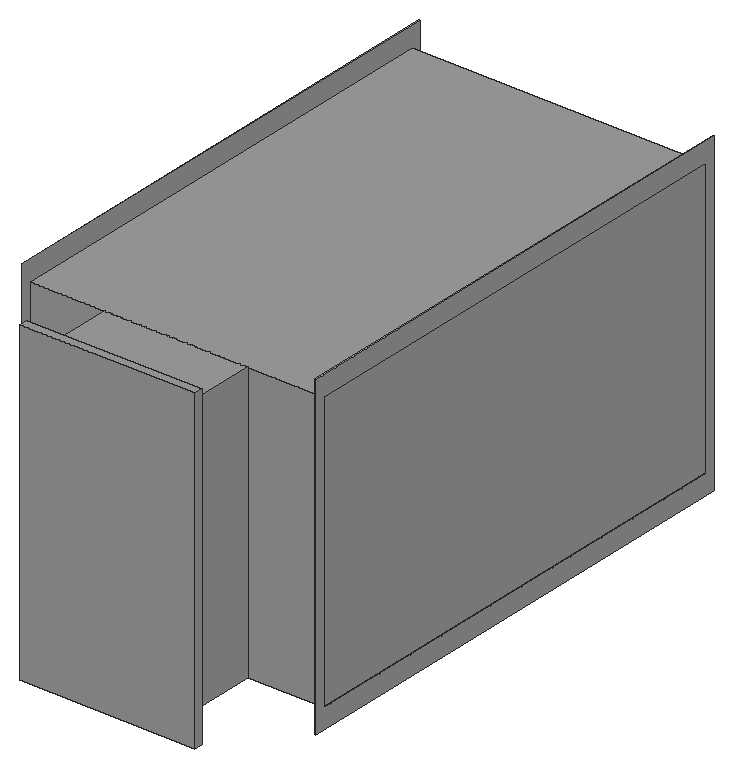
Revit family "BIMLIB_ЭлектрическийНагреватель_EHR_SHUFT", category Оборудование, Revit 2017
Family settings
  Размер круглого соединителя = Использовать диаметр
  Тип детали = Вставляется
  На основе рабочей плоскости = Нет
  Всегда вертикально = Да
  При загрузке вырезать с полостями = Нет
  Общий = Нет
  Точка расчета площади = Нет
Parameters (values of type "EHR 600x350-48")
  Повернуть УГО [instance] = yes
  Описание = "Корпус воздухонагревателей выполнен из листовой стали с покрытием из цинка, а нагревательные элементы — из нержавеющей стали.\r\n\r\nВсе воздухонагреватели серии ЕНR оснащены двухступенчатой защитой от перегрева. Реле первой ступени (с автоматическим возвратом в исходное положение) срабатывает, когда температура воздуха на выходе из воздухонагревателя достигает 60 °С. Реле второй ступени (с ручным возвратом в исходное положение нажатием кнопки, расположенной на корпусе воздухонагревателя) срабатывает, когда температура воздуха на выходе из воздухонагревателя достигает 120 °С.\r\n\r\nВоздухонагреватели серии EHR могут работать с внешним электронным регулятором температуры серии ТС.\r\n\r\nМинимальный расход воздуха соответствует минимальной скорости потока 1,5 м/с."  # constant formula
  Изготовитель = "ООО «Завод ВКО» марка SHUFT"  # constant formula
  Watermark [instance] = "Модели защищены уникальным кодом"
  W1 = W + 25 mm  # 625 mm
  W = ADSK_Размер_Ширина  # 600 mm
  URL = "http://www.shuft.ru/"
  L = ADSK_Размер_Длина  # 370 mm
  H1 = H + 50 mm  # 400 mm
  H = ADSK_Размер_Высота  # 350 mm
  BL_Разработано = "support@bimlib.pro"  # constant formula
  BL_Email = "bimmodels@rusklimat.ru"  # constant formula
  BL_BIM library = "https://bimlib.pro/manufacturer/company/23829"
  ADSK_Ток = 73 A
  ADSK_Расход воздуха [instance] = 0.0 L/s
  ADSK_Размер_Ширина = 600 mm
  ADSK_Размер_Длина = 370 mm
  ADSK_Размер_Высота = 350 mm
  ADSK_Примечание [instance] = ""
  ADSK_Потеря давления воздуха [instance] = 0.0 Pa
  ADSK_Полная мощность = ADSK_Номинальная мощность / ADSK_Коэффициент мощности  # 48 kW
  ADSK_Позиция = ""
  ADSK_Обозначение = ""
  ADSK_Номинальная мощность = 48 kW
  ADSK_Напряжение = 400 V  # constant formula
  ADSK_Наименование = "Электрический нагреватель EHR 600x350-48"
  ADSK_Материал = BIMLIB_Сталь_SHUFT
  ADSK_Масса = 31
  ADSK_Марка = "EHR 600x350-48"
  ADSK_Коэффициент мощности = 1
  ADSK_Количество фаз = 3
  ADSK_Код изделия = ADSK_Марка  # "EHR 600x350-48"
  ADSK_Классификация нагрузок = Прочее
  ADSK_Завод-изготовитель = "ООО «Завод ВКО» марка SHUFT"  # constant formula
  ADSK_Единица измерения = "шт."  # constant formula
  ADSK_Версия семейства = "v.1"  # constant formula
  ADSK_Версия Revit = "2017"  # constant formula
  ADSK_URL страницы изделия = "http://www.shuft.ru/catalog/1/202/3004/4021/"
  ADSK_URL документации изделия = "http://www.shuft.ru/upload/downloads/Rucovodstvo_EHR.pdf"
Types (51, lengths in mm): name | W1 | W | L | H1 | H | ADSK_Ток | ADSK_Размер_Ширина | ADSK_Размер_Длина | ADSK_Размер_Высота | ADSK_Полная мощность | ADSK_Номинальная мощность | ADSK_Наименование | ADSK_Масса | ADSK_Марка | ADSK_Количество фаз | ADSK_Код изделия
  (no name) | 625 | 600 | 370 | 400 | 350 | 73 A | 600 | 370 | 350 | 48 kW | 48 kW | "Электрический нагреватель EHR 600x350-48" | 31 | "EHR 600x350-48" | 3 | "EHR 600x350-48"
  EHR 400x200-6/2ф | 425 | 400 | 370 | 250 | 200 | 13.6 A | 400 | 370 | 200 | 6 kW | 6 kW | "Электрический нагреватель EHR 400x200-6/2ф" | 9.7 | "EHR 400x200-6/2ф" | 2 | "EHR 400x200-6/2ф"
  EHR 400x200-9 | 425 | 400 | 370 | 250 | 200 | 13.7 A | 400 | 370 | 200 | 9 kW | 9 kW | "Электрический нагреватель EHR 400x200-9" | 10 | "EHR 400x200-9" | 3 | "EHR 400x200-9"
  EHR 400x200-12 | 425 | 400 | 370 | 250 | 200 | 18.3 A | 400 | 370 | 200 | 12 kW | 12 kW | "Электрический нагреватель EHR 400x200-12" | 10 | "EHR 400x200-12" | 3 | "EHR 400x200-12"
  EHR 400x200-15 | 425 | 400 | 370 | 250 | 200 | 11.4 A | 400 | 370 | 200 | 15 kW | 15 kW | "Электрический нагреватель EHR 400x200-15" | 12 | "EHR 400x200-15" | 3 | "EHR 400x200-15"
  EHR 500x250-7.5 | 525 | 500 | 370 | 300 | 250 | 11.4 A | 500 | 370 | 250 | 7.5 kW | 7.5 kW | "Электрический нагреватель EHR 500x250-7.5" | 11.5 | "EHR 500x250-7.5" | 3 | "EHR 500x250-7.5"
  EHR 500x250-12 | 525 | 500 | 370 | 300 | 250 | 18.3 A | 500 | 370 | 250 | 12 kW | 12 kW | "Электрический нагреватель EHR 500x250-12" | 13 | "EHR 500x250-12" | 3 | "EHR 500x250-12"
  EHR 500x250-15 | 525 | 500 | 370 | 300 | 250 | 22.8 A | 500 | 370 | 250 | 15 kW | 15 kW | "Электрический нагреватель EHR 500x250-15" | 13 | "EHR 500x250-15" | 3 | "EHR 500x250-15"
  EHR 500x250-18 | 525 | 500 | 370 | 300 | 250 | 27.4 A | 500 | 370 | 250 | 18 kW | 18 kW | "Электрический нагреватель EHR 500x250-18" | 15 | "EHR 500x250-18" | 3 | "EHR 500x250-18"
  EHR 500x250-22.5 | 525 | 500 | 370 | 300 | 250 | 34.2 A | 500 | 370 | 250 | 22.5 kW | 22.5 kW | "Электрический нагреватель EHR 500x250-22.5" | 15 | "EHR 500x250-22.5" | 3 | "EHR 500x250-22.5"
  EHR 500x250-24 | 525 | 500 | 370 | 300 | 250 | 36.5 A | 500 | 370 | 250 | 24 kW | 24 kW | "Электрический нагреватель EHR 500x250-24" | 19 | "EHR 500x250-24" | 3 | "EHR 500x250-24"
  EHR 500x300-7.5 | 525 | 500 | 370 | 350 | 300 | 11.4 A | 500 | 370 | 300 | 7.5 kW | 7.5 kW | "Электрический нагреватель EHR 500x300-7.5" | 12 | "EHR 500x300-7.5" | 3 | "EHR 500x300-7.5"
  EHR 500x300-12 | 525 | 500 | 370 | 350 | 300 | 18.3 A | 500 | 370 | 300 | 12 kW | 12 kW | "Электрический нагреватель EHR 500x300-12" | 14 | "EHR 500x300-12" | 3 | "EHR 500x300-12"
  EHR 500x300-15 | 525 | 500 | 370 | 350 | 300 | 22.8 A | 500 | 370 | 300 | 15 kW | 15 kW | "Электрический нагреватель EHR 500x300-15" | 14 | "EHR 500x300-15" | 3 | "EHR 500x300-15"
  EHR 500x300-18 | 525 | 500 | 370 | 350 | 300 | 27.4 A | 500 | 370 | 300 | 18 kW | 18 kW | "Электрический нагреватель EHR 500x300-18" | 16 | "EHR 500x300-18" | 3 | "EHR 500x300-18"
  EHR 500x300-22.5 | 525 | 500 | 370 | 350 | 300 | 34.2 A | 500 | 370 | 300 | 22.5 kW | 22.5 kW | "Электрический нагреватель EHR 500x300-22.5" | 16 | "EHR 500x300-22.5" | 3 | "EHR 500x300-22.5"
  EHR 500x300-24 | 525 | 500 | 370 | 350 | 300 | 36.5 A | 500 | 370 | 300 | 24 kW | 24 kW | "Электрический нагреватель EHR 500x300-24" | 22 | "EHR 500x300-24" | 3 | "EHR 500x300-24"
  EHR 600x300-18 | 625 | 600 | 370 | 350 | 300 | 27.4 A | 600 | 370 | 300 | 18 kW | 18 kW | "Электрический нагреватель EHR 600x300-18" | 18 | "EHR 600x300-18" | 3 | "EHR 600x300-18"
  EHR 600x300-22.5 | 625 | 600 | 370 | 350 | 300 | 34.2 A | 600 | 370 | 300 | 22.5 kW | 22.5 kW | "Электрический нагреватель EHR 600x300-22.5" | 18 | "EHR 600x300-22.5" | 3 | "EHR 600x300-22.5"
  EHR 600x300-24 | 625 | 600 | 370 | 350 | 300 | 36.5 A | 600 | 370 | 300 | 24 kW | 24 kW | "Электрический нагреватель EHR 600x300-24" | 23 | "EHR 600x300-24" | 3 | "EHR 600x300-24"
  EHR 600x300-30 | 625 | 600 | 370 | 350 | 300 | 45.6 A | 600 | 370 | 300 | 30 kW | 30 kW | "Электрический нагреватель EHR 600x300-30" | 25 | "EHR 600x300-30" | 3 | "EHR 600x300-30"
  EHR 600x300-36 | 625 | 600 | 370 | 350 | 300 | 54.8 A | 600 | 370 | 300 | 36 kW | 36 kW | "Электрический нагреватель EHR 600x300-36" | 25 | "EHR 600x300-36" | 3 | "EHR 600x300-36"
  EHR 600x350-15 | 625 | 600 | 370 | 400 | 350 | 22.8 A | 600 | 370 | 350 | 15 kW | 15 kW | "Электрический нагреватель EHR 600x350-15" | 18 | "EHR 600x350-15" | 3 | "EHR 600x350-15"
  EHR 600x350-18 | 625 | 600 | 370 | 400 | 350 | 27.4 A | 600 | 370 | 350 | 18 kW | 18 kW | "Электрический нагреватель EHR 600x350-18" | 18 | "EHR 600x350-18" | 3 | "EHR 600x350-18"
  EHR 600x350-22.5 | 625 | 600 | 370 | 400 | 350 | 34.2 A | 600 | 370 | 350 | 22.5 kW | 22.5 kW | "Электрический нагреватель EHR 600x350-22.5" | 18 | "EHR 600x350-22.5" | 3 | "EHR 600x350-22.5"
  EHR 600x350-24 | 625 | 600 | 370 | 400 | 350 | 36.5 A | 600 | 370 | 350 | 24 kW | 24 kW | "Электрический нагреватель EHR 600x350-24" | 23 | "EHR 600x350-24" | 3 | "EHR 600x350-24"
  EHR 600x350-30 | 625 | 600 | 370 | 400 | 350 | 45.6 A | 600 | 370 | 350 | 30 kW | 30 kW | "Электрический нагреватель EHR 600x350-30" | 23 | "EHR 600x350-30" | 3 | "EHR 600x350-30"
  EHR 600x350-36 | 625 | 600 | 370 | 400 | 350 | 54.8 A | 600 | 370 | 350 | 36 kW | 36 kW | "Электрический нагреватель EHR 600x350-36" | 26 | "EHR 600x350-36" | 3 | "EHR 600x350-36"
  EHR 600x350-45 | 625 | 600 | 370 | 400 | 350 | 68.4 A | 600 | 370 | 350 | 45 kW | 45 kW | "Электрический нагреватель EHR 600x350-45" | 26 | "EHR 600x350-45" | 3 | "EHR 600x350-45"
  EHR 600x350-48 | 625 | 600 | 370 | 400 | 350 | 73 A | 600 | 370 | 350 | 48 kW | 48 kW | "Электрический нагреватель EHR 600x350-48" | 31 | "EHR 600x350-48" | 3 | "EHR 600x350-48"
  EHR 700x400-22.5 | 725 | 700 | 370 | 450 | 400 | 34.2 A | 700 | 370 | 400 | 22.5 kW | 22.5 kW | "Электрический нагреватель EHR 700x400-22.5" | 33 | "EHR 700x400-22.5" | 3 | "EHR 700x400-22.5"
  EHR 700x400-30 | 725 | 700 | 370 | 450 | 400 | 45.6 A | 700 | 370 | 400 | 30 kW | 30 kW | "Электрический нагреватель EHR 700x400-30" | 34 | "EHR 700x400-30" | 3 | "EHR 700x400-30"
  EHR 700x400-45 | 725 | 700 | 370 | 450 | 400 | 68.4 A | 700 | 370 | 400 | 45 kW | 45 kW | "Электрический нагреватель EHR 700x400-45" | 36 | "EHR 700x400-45" | 3 | "EHR 700x400-45"
  EHR 700x400-60 | 725 | 700 | 500 | 450 | 400 | 91.2 A | 700 | 500 | 400 | 60 kW | 60 kW | "Электрический нагреватель EHR 700x400-60" | 44 | "EHR 700x400-60" | 3 | "EHR 700x400-60"
  EHR 700x400-75 | 725 | 700 | 500 | 450 | 400 | 114 A | 700 | 500 | 400 | 75 kW | 75 kW | "Электрический нагреватель EHR 700x400-75" | 48 | "EHR 700x400-75" | 3 | "EHR 700x400-75"
  EHR 700x400-90 | 725 | 700 | 615 | 450 | 400 | 136.8 A | 700 | 615 | 400 | 90 kW | 90 kW | "Электрический нагреватель EHR 700x400-90" | 55 | "EHR 700x400-90" | 3 | "EHR 700x400-90"
  EHR 800x500-30 | 825 | 800 | 500 | 550 | 500 | 45.6 A | 800 | 500 | 500 | 30 kW | 30 kW | "Электрический нагреватель EHR 800x500-30" | 38 | "EHR 800x500-30" | 3 | "EHR 800x500-30"
  EHR 800x500-45 | 825 | 800 | 500 | 550 | 500 | 68.4 A | 800 | 500 | 500 | 45 kW | 45 kW | "Электрический нагреватель EHR 800x500-45" | 38 | "EHR 800x500-45" | 3 | "EHR 800x500-45"
  EHR 800x500-60 | 825 | 800 | 500 | 550 | 500 | 91.2 A | 800 | 500 | 500 | 60 kW | 60 kW | "Электрический нагреватель EHR 800x500-60" | 45 | "EHR 800x500-60" | 3 | "EHR 800x500-60"
  EHR 800x500-75 | 825 | 800 | 500 | 550 | 500 | 114 A | 800 | 500 | 500 | 75 kW | 75 kW | "Электрический нагреватель EHR 800x500-75" | 51 | "EHR 800x500-75" | 3 | "EHR 800x500-75"
  EHR 800x500-90 | 825 | 800 | 615 | 550 | 500 | 136.8 A | 800 | 615 | 500 | 90 kW | 90 kW | "Электрический нагреватель EHR 800x500-90" | 59 | "EHR 800x500-90" | 3 | "EHR 800x500-90"
  EHR 900x500-30 | 925 | 900 | 500 | 550 | 500 | 45.6 A | 900 | 500 | 500 | 30 kW | 30 kW | "Электрический нагреватель EHR 900x500-30" | 41 | "EHR 900x500-30" | 3 | "EHR 900x500-30"
  EHR 900x500-45 | 925 | 900 | 500 | 550 | 500 | 68.4 A | 900 | 500 | 500 | 45 kW | 45 kW | "Электрический нагреватель EHR 900x500-45" | 41 | "EHR 900x500-45" | 3 | "EHR 900x500-45"
  EHR 900x500-60 | 925 | 900 | 500 | 550 | 500 | 91.2 A | 900 | 500 | 500 | 60 kW | 60 kW | "Электрический нагреватель EHR 900x500-60" | 48 | "EHR 900x500-60" | 3 | "EHR 900x500-60"
  EHR 900x500-75 | 925 | 900 | 500 | 550 | 500 | 114 A | 900 | 500 | 500 | 75 kW | 75 kW | "Электрический нагреватель EHR 900x500-75" | 54 | "EHR 900x500-75" | 3 | "EHR 900x500-75"
  EHR 900x500-90 | 925 | 900 | 615 | 550 | 500 | 136.8 A | 900 | 615 | 500 | 90 kW | 90 kW | "Электрический нагреватель EHR 900x500-90" | 64 | "EHR 900x500-90" | 3 | "EHR 900x500-90"
  EHR 1000x500-45 | 1025 | 1000 | 500 | 550 | 500 | 68.4 A | 1000 | 500 | 500 | 45 kW | 45 kW | "Электрический нагреватель EHR 1000x500-45" | 45 | "EHR 1000x500-45" | 3 | "EHR 1000x500-45"
  EHR 1000x500-60 | 1025 | 1000 | 500 | 550 | 500 | 91.2 A | 1000 | 500 | 500 | 60 kW | 60 kW | "Электрический нагреватель EHR 1000x500-60" | 51 | "EHR 1000x500-60" | 3 | "EHR 1000x500-60"
  EHR 1000x500-75 | 1025 | 1000 | 500 | 550 | 500 | 114 A | 1000 | 500 | 500 | 75 kW | 75 kW | "Электрический нагреватель EHR 1000x500-75" | 59 | "EHR 1000x500-75" | 3 | "EHR 1000x500-75"
  EHR 1000x500-90 | 1025 | 1000 | 615 | 550 | 500 | 136.8 A | 1000 | 615 | 500 | 90 kW | 90 kW | "Электрический нагреватель EHR 1000x500-90" | 70 | "EHR 1000x500-90" | 3 | "EHR 1000x500-90"
  EHR 600x300-15 | 625 | 600 | 370 | 350 | 300 | 22.8 A | 600 | 370 | 300 | 15 kW | 15 kW | "Электрический нагреватель EHR 600x300-15" | 18 | "EHR 600x300-15" | 3 | "EHR 600x300-15"
Reference planes
  plane 1 "По центру (Вперед/Назад)": y = 0
  plane 2: z = 0
  plane 3 "По центру (Влево/Вправо)": x = 0
  plane 4: x = -185
  plane 5: x = 185
  plane 6: y = -300
  plane 7: y = 300
  plane 8: y = -312.5
  plane 9: y = 312.5
  plane 10: z = 175
  plane 11: z = -175
  plane 12: z = 200
  plane 13: z = -200
  plane 14: y = -408
  plane 15: x = 90
  plane 16: x = -90
  plane 17: x = -110
  plane 18: x = 110
Forms (mm)
  Extrusion 1, solid, material "BIMLIB_Сталь_SHUFT" <- "ADSK_Материал", detail levels medium+fine
    sketch origin (0, 0, 0) x (0, 1, 0) y (0, 0, 1)
      loop
        line (-300, 175) -> (-300, -175) -> (300, -175) -> (300, 175) -> (-300, 175)
    from -184 to 184
  Extrusion 2, solid, material "BIMLIB_Сталь_SHUFT" <- "ADSK_Материал", detail levels medium+fine
    sketch origin (0, 0, 0) x (0, 1, 0) y (0, 0, -1)
      loop
        line (-312.5, -200) -> (312.5, -200) -> (312.5, 200) -> (-312.5, 200) -> (-312.5, -200)
      loop
        line (-300, -175) -> (300, -175) -> (300, 175) -> (-300, 175) -> (-300, -175)
    from -185 to -184
  Extrusion 3, solid, material "BIMLIB_Сталь_SHUFT" <- "ADSK_Материал", detail levels medium+fine
    sketch origin (0, 0, 0) x (0, 1, 0) y (0, 0, 1)
      loop
        line (-312.5, 200) -> (-312.5, -200) -> (312.5, -200) -> (312.5, 200) -> (-312.5, 200)
      loop
        line (-300, 175) -> (-300, -175) -> (300, -175) -> (300, 175) -> (-300, 175)
    from -185 to -184
  Extrusion 4, solid, material "BIMLIB_Сталь_SHUFT" <- "ADSK_Материал", detail levels medium+fine
    sketch origin (0, 0, 0) x (0, 1, 0) y (0, 0, 1)
      loop
        line (-408, 200) -> (-408, -200) -> (-398, -200) -> (-398, 200) -> (-408, 200)
    from -110 to 110
  Extrusion 5, solid, material "BIMLIB_Сталь_SHUFT" <- "ADSK_Материал", detail levels medium+fine
    sketch origin (0, 0, 0) x (0, 1, 0) y (0, 0, 1)
      loop
        line (-398, 175) -> (-398, -175) -> (-300, -175) -> (-300, 175) -> (-398, 175)
    from -90 to 90
Dimensions and locks
  "L": plane 4 to plane 5
  equal spacing: plane 4, plane 3 "По центру (Влево/Вправо)", plane 5
  "W": plane 6 to plane 7
  equal spacing: plane 6, plane 1 "По центру (Вперед/Назад)", plane 7
  "W1": plane 8 to plane 9
  equal spacing: plane 8, plane 1 "По центру (Вперед/Назад)", plane 9
  "H": plane 10 to plane 11
  equal spacing: plane 10, level, plane 11
  "H1": plane 12 to plane 13
  equal spacing: plane 12, level, plane 13
  locked: Extrusion 2 to Extrusion 2 at 1
  locked: Extrusion 3 to Extrusion 3 at 1
  locked: plane 14 to plane 6 at 108
  locked: plane 17 to plane 18 at 220
  locked: plane 16 to plane 15 at 180
  aligned and locked: level to plane 2
  aligned and locked: Extrusion 1 sketch curve to plane 10
  aligned and locked: Extrusion 1 sketch curve to plane 6
  aligned and locked: plane 11 to Extrusion 1 sketch curve
  aligned and locked: plane 7 to Extrusion 1 sketch curve
  aligned and locked: plane 5 to Extrusion 2
  aligned and locked: Extrusion 1 to Extrusion 2
  aligned and locked: Extrusion 2 sketch curve to Extrusion 1  (x4)
  aligned and locked: Extrusion 3 to plane 4
  aligned and locked: Extrusion 3 to Extrusion 1
  aligned and locked: plane 14 to Extrusion 4
  aligned and locked: plane 12 to Extrusion 4
  aligned and locked: Extrusion 5 sketch curve to plane 10
  aligned and locked: Extrusion 4 to Extrusion 5 sketch curve
  aligned and locked: plane 11 to Extrusion 5 sketch curve
  aligned and locked: Extrusion 5 to plane 6
  aligned and locked: Extrusion 5 to Extrusion 4
  aligned and locked: Extrusion 5 to plane 16
  aligned and locked: plane 15 to Extrusion 5
  aligned and locked: Extrusion 4 to plane 17
  aligned and locked: plane 18 to Extrusion 4
  aligned and locked: Extrusion 4 to plane 13
  aligned and locked: plane 3 "По центру (Влево/Вправо)" to nested 1
  aligned and locked: plane 1 "По центру (Вперед/Назад)" to nested 1
Automatic sketch dimensions
  Extrusion 2 sketch curve to plane 13 = 0 mm
  Extrusion 2 sketch curve to plane 12 = 0 mm
  Extrusion 3 sketch curve to plane 13 = 0 mm
  Extrusion 3 sketch curve to plane 12 = 0 mm
  Extrusion 3 sketch curve to plane 6 = 0 mm
  Extrusion 3 sketch curve to plane 7 = 0 mm
  Extrusion 3 sketch curve to plane 11 = 0 mm
  Extrusion 3 sketch curve to plane 10 = 0 mm
  Extrusion 2 sketch curve to plane 8 = 0 mm
  Extrusion 2 sketch curve to plane 9 = 0 mm
  Extrusion 3 sketch curve to plane 9 = 0 mm
  Extrusion 3 sketch curve to plane 8 = 0 mm
  Extrusion 4 sketch curve to plane 11 = 25 mm
  Extrusion 4 sketch curve to plane 14 = 0 mm
  Extrusion 4 sketch curve to plane 12 = 0 mm
  Extrusion 4 sketch curve to plane 14 = 10 mm
  Extrusion 5 sketch curve to plane 8 = 12.5 mm
Nested families
  nested 1: "BIMLIB_УГО Нагревателя_SHUFT" at (0, 0, 0), H <- "ADSK_Размер_Высота", L <- "ADSK_Размер_Длина", W <- "ADSK_Размер_Ширина", УГО сверху <- "Повернуть УГО", type "BIMLIB_УГО Нагревателя_SHUFT", detail levels coarse
    with УГО спереди no, УГО сверху yes, W 600 mm, L 370 mm, H 350 mm
Connectors
  hvac at (185, 0, 0), driven by "ADSK_Размер_Высота", driven by "ADSK_Размер_Ширина", driven by "ADSK_Расход воздуха", driven by "ADSK_Потеря давления воздуха"
    settings: on Extrusion 2, index 1, duct flow 0.0 L/s, flow factor 0, pres drop 0.0 Pa, loss coef 0, conn angle 0.00°, conn width 600 mm, conn height 350 mm, conn diameter 609.6 mm, duct sys type 29, conn prof type 1, flow config 0, flow direction 0, loss method 0, conn ref index 2, conn util no, is conn primary yes, conn desc "Воздушный коннектор"
  hvac at (-185, 0, 0), driven by "ADSK_Размер_Высота", driven by "ADSK_Размер_Ширина", driven by "ADSK_Расход воздуха", driven by "ADSK_Потеря давления воздуха"
    settings: on Extrusion 3, index 2, duct flow 0.0 L/s, flow factor 0, pres drop 0.0 Pa, loss coef 0, conn angle 0.00°, conn width 600 mm, conn height 350 mm, conn diameter 609.6 mm, duct sys type 29, conn prof type 1, flow config 0, flow direction 0, loss method 0, conn ref index 1, conn util no, is conn primary no, conn desc "Воздушный коннектор"
  electrical at (0, -408, 0), driven by "ADSK_Номинальная мощность", driven by "ADSK_Количество фаз", driven by "ADSK_Классификация нагрузок", driven by "ADSK_Напряжение", driven by "ADSK_Коэффициент мощности"
    settings: on Extrusion 4, index 3, voltage 400 V, apparent load 48 kW, apparent load phase1 0 kW, apparent load phase2 0 kW, apparent load phase3 0 kW, power factor 1, load classification "Прочее", number of poles 3, system type 30, power factor state 1, is connector primary yes, connector utility no, sub classification motor no, connector description "Электрический соединитель"
Definition of nested family "BIMLIB_УГО Нагревателя_SHUFT"
  Parameters (values of type "BIMLIB_УГО Нагревателя_SHUFT")
    УГО спереди [instance] = not(УГО сверху)  # no
    УГО сверху [instance] = yes
    r = 50 mm
    W [instance] = 400 mm
    L [instance] = 400 mm
    H [instance] = 200 mm
  Reference planes
    plane 1 "По центру (Вперед/Назад)": y = 0
    plane 2: z = 0
    plane 3 "По центру (Влево/Вправо)": x = 0
    plane 4: x = 200
    plane 5: x = -200
    plane 6: y = -200
    plane 7: y = 200
    plane 8: z = -100
    plane 9: z = 100
  Lines and regions (mm)
    model lines, visible <- "УГО сверху", detail levels coarse
      curve 1: line (-200, 200, 0) -> (200, 200, 0)
      curve 2: line (-200, -200, 0) -> (-200, 200, 0)
      curve 3: line (200, -200, 0) -> (-200, -200, 0)
      curve 4: line (200, 200, 0) -> (200, -200, 0)
      curve 9: circle (0, 0, 0) r 50 normal (0, 0, 1)
      curve 12: line (0, 50, 0) -> (0, -50, 0)
      curve 13: line (-50, 0, 0) -> (50, 0, 0)
    model lines, visible <- "УГО спереди", detail levels coarse
      curve 5: line (-200, 0, 100) -> (200, 0, 100)
      curve 6: line (-200, 0, -100) -> (-200, 0, 100)
      curve 7: line (200, 0, -100) -> (-200, 0, -100)
      curve 8: line (200, 0, 100) -> (200, 0, -100)
      curve 10: circle (0, 0, 0) r 50 normal (0, -1, 0)
      curve 11: line (0, 0, 50) -> (0, 0, -50)
      curve 14: line (-50, 0, 0) -> (50, 0, 0)
    symbolic lines, detail levels coarse
      curve 15: line (-200, 200, 0) -> (200, 200, 0)
      curve 16: line (200, 200, 0) -> (200, -200, 0)
      curve 17: line (200, -200, 0) -> (-200, -200, 0)
      curve 18: line (-200, -200, 0) -> (-200, 200, 0)
      curve 19: circle (0, 0, 0) r 50 normal (0, 0, 1)
      curve 20: line (-50, 0, 0) -> (50, 0, 0)
      curve 21: line (0, 50, 0) -> (0, -50, 0)
      curve 22: line (-200, 0, 100) -> (200, 0, 100)
      curve 23: line (200, 0, 100) -> (200, 0, -100)
      curve 24: line (200, 0, -100) -> (-200, 0, -100)
      curve 25: line (-200, 0, -100) -> (-200, 0, 100)
      curve 26: circle (0, 0, 0) r 50 normal (0, -1, 0)
      curve 27: line (50, 0, 0) -> (-50, 0, 0)
      curve 28: line (0, 0, 50) -> (0, 0, -50)
  Dimensions and locks
    "L": plane 5 to plane 4
    equal spacing: plane 5, plane 3 "По центру (Влево/Вправо)", plane 4
    "W": plane 6 to plane 7
    equal spacing: plane 6, plane 1 "По центру (Вперед/Назад)", plane 7
    "H": plane 9 to plane 8
    equal spacing: plane 9, level, plane 8
    "r": radius of curve 10
    "r": radius of curve 9
    aligned and locked: level to plane 2
    aligned and locked: plane 7 to curve 1
    aligned and locked: plane 5 to curve 2
    aligned and locked: curve 3 to plane 6
    aligned and locked: curve 4 to plane 4
    aligned and locked: curve 5 to plane 9
    aligned and locked: plane 5 to curve 6
    aligned and locked: plane 8 to curve 7
    aligned and locked: curve 8 to plane 4
    aligned and locked: curve 11 to plane 3 "По центру (Влево/Вправо)"
    aligned and locked: curve 12 to plane 3 "По центру (Влево/Вправо)"
    aligned and locked: plane 1 "По центру (Вперед/Назад)" to curve 13
    aligned and locked: curve 14 to plane 2
  Automatic sketch dimensions
    curve 10 to curve 26 = 0 mm  (x2)
    curve 27 to level = 0 mm
    curve 28 to plane 3 "По центру (Влево/Вправо)" = 0 mm
    curve 10 to level = 0 mm
    curve 10 to plane 3 "По центру (Влево/Вправо)" = 0 mm
    curve 9 to curve 19 = 0 mm  (x2)
    plane 1 "По центру (Вперед/Назад)" to curve 20 = 0 mm
    curve 21 to plane 3 "По центру (Влево/Вправо)" = 0 mm
    plane 1 "По центру (Вперед/Назад)" to curve 9 = 0 mm
    curve 9 to plane 3 "По центру (Влево/Вправо)" = 0 mm
    radius of curve 26 = 50 mm
    radius of curve 19 = 50 mm
